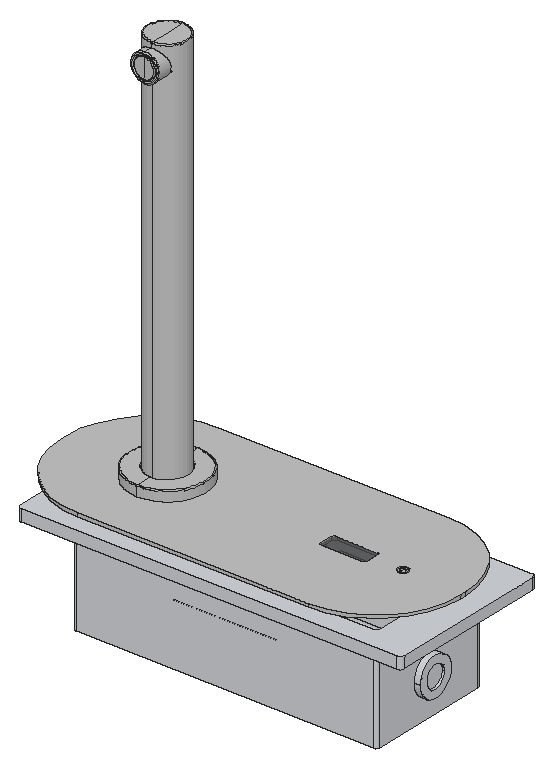
Revit family "Reece_Tap_Wolfen_Sensor Tap_Wall Mounted_with Plate", category Plumbing Fixtures, host Face, Revit 2018
Family settings
  Host = Face
  Round Connector Dimension = Use Diameter
  Part Type = Normal
  Cut with Voids When Loaded = No
  Shared = Yes
  Room Calculation Point = Yes
Parameters (values of type "with Plate_Stainless Steel")
  WFU = 0  # constant formula
  URL = "https://www.reece.com.au/product/-9506034"
  Type Comments = "Tap"
  Reece_Tap_Reach = 247.5 mm  # constant formula
  Reece_Tap_Inlet = 15 mm  # constant formula
  Reece_Tap_Clearance = 0 mm  # constant formula
  Reece_Product_Web Page = "https://www.reece.com.au/product/-9506034"
  Reece_Product_Type = "Tap"
  Reece_Product_Sub Brand = "-"
  Reece_Product_Number = "9506034"
  Reece_Product_Mount = "Wall Mounted"
  Reece_Product_Description = "Wolfen Wall Mounted Outlet with Plate Wave-On Sensor Operation Stainless Steel (6 Star)"
  Reece_Product_Brand = "Wolfen"
  Reece_Overall_Length = 260 mm  # constant formula
  Reece_Overall_Height = 114 mm  # constant formula
  Reece_Material_Sensor = Reece_Glass_Transparent_Black
  Reece_Material-Main = Reece_Brass_Brushed Stainless Steel
  Reece_Detail_Installation = ""
  Reece_Detail_Disclaimer = "THIS FILE IS THE PROPERTY OF THE REECE GROUP. IT MAY NOT BE REPRODUCED, REVERSE-ENGINEERED OR MODIFIED. ANY REPUBLICATION, TRANSMISSION OR DISTRIBUTION FOR THE PURPOSE OF COMMERCIALLY EXPLOITING THE FILES IS PROHIBITED."  # constant formula
  Reece_Detail_Connector = "Electrical input required. Refer to web page for further details."
  Reece_Detail_Additional = ""
  Model = "-"
  Manufacturer = "Wolfen"
  Keynote = "Product #9506034, Reece_Tap_Wolfen_Sensor Tap_Wall Mounted_with Plate - with Plate_Stainless Steel"
  HWFU = 0  # constant formula
  Disclaimer = "THIS FILE IS THE PROPERTY OF THE REECE GROUP. IT MAY NOT BE REPRODUCED, REVERSE-ENGINEERED OR MODIFIED. ANY REPUBLICATION, TRANSMISSION OR DISTRIBUTION FOR THE PURPOSE OF COMMERCIALLY EXPLOITING THE FILES IS PROHIBITED."  # constant formula
  Description = "Wolfen Wall Mounted Outlet with Plate Wave-On Sensor Operation Stainless Steel (6 Star)"
  Default Elevation = 1000 mm
  CWFU = 0  # constant formula
Types (2, lengths in mm): name | Keynote
  (no name) | "Product #9506034, Reece_Tap_Wolfen_Sensor Tap_Wall Mounted_with Plate -  "
  with Plate_Stainless Steel | "Product #9506034, Reece_Tap_Wolfen_Sensor Tap_Wall Mounted_with Plate - with Plate_Stainless Steel"
Reference planes
  plane 1 "Center (Front/Back)": y = 0
  plane 2 "Bottom": z = 0
  plane 3 "Center (Left/Right)": x = 0
  plane 4: y = 57
  plane 5: y = -57
  plane 6: x = -62.5
  plane 7: x = 91
  plane 8: z = 249.5
  plane 9: x = 56
  plane 10: z = 262
  plane 11: x = -130
  plane 12: x = 130
  plane 13: z = 0
  plane 14: z = 2
Forms (mm)
  Extrusion 1, solid, material "Reece_Brass_Brushed Stainless Steel" <- "Reece_Material-Main"
    sketch origin (0, 0, 0) x (1, 0, 0) y (0, 1, 0)
      loop
        line (-130, 2) -> (-130, -2)
        arc (-130, -2) -> (-113.891, -40.891) -> (-75, -57) r 55
        line (-75, -57) -> (75, -57)
        arc (75, -57) -> (113.891, -40.891) -> (130, -2) r 55
        line (130, -2) -> (130, 2)
        arc (130, 2) -> (113.891, 40.891) -> (75, 57) r 55
        line (75, 57) -> (-75, 57)
        arc (-75, 57) -> (-113.891, 40.891) -> (-130, 2) r 55
    from 0 to 2
  Extrusion 2, void
    sketch origin (0, 0, 0) x (1, 0, 0) y (0, 1, 0)
      loop
        circle (-62.5, 0) r 13.5
      loop
        circle (-75.2, 12.7) r 2
      loop
        circle (-49.8, 12.7) r 2
      loop
        circle (-75.2, -12.7) r 2
      loop
        circle (-49.8, -12.7) r 2
      loop
        line (69.1, 6.1) -> (42.9, 6.1)
        arc (42.9, 6.1) -> (41.486, 5.514) -> (40.9, 4.1) r 2
        line (40.9, 4.1) -> (40.9, -4.1)
        arc (40.9, -4.1) -> (41.486, -5.514) -> (42.9, -6.1) r 2
        line (42.9, -6.1) -> (69.1, -6.1)
        arc (69.1, -6.1) -> (70.514, -5.514) -> (71.1, -4.1) r 2
        line (71.1, -4.1) -> (71.1, 4.1)
        arc (71.1, 4.1) -> (70.514, 5.514) -> (69.1, 6.1) r 2
    from -10 to 2
  Revolve 3, solid, material "Reece_Brass_Brushed Stainless Steel" <- "Reece_Material-Main"
    sketch origin (-62.5, 0, 0) x (0, 1, 0) y (0, 0, 1)
      loop
        arc (25, 8.2) -> (24.854, 8.554) -> (24.5, 8.7) r 0.5
        line (24.5, 8.7) -> (14, 8.7) -> (14, 7.7) -> (13, 7.7) -> (13, 261.5)
        arc (13, 261.5) -> (12.854, 261.854) -> (12.5, 262) r 0.5
        line (12.5, 262) -> (0, 262) -> (0, 2) -> (25, 2) -> (25, 8.2)
      axis (0, 262) -> (0, 2)
    angle from 0 to 360
  Extrusion 4, solid, material "Reece_Glass_Transparent_Black" <- "Reece_Material_Sensor"
    sketch origin (0, 0, 0) x (1, 0, 0) y (0, 1, 0)
      loop
        line (69.1, 6.1) -> (42.9, 6.1)
        arc (42.9, 6.1) -> (41.486, 5.514) -> (40.9, 4.1) r 2
        line (40.9, 4.1) -> (40.9, -4.1)
        arc (40.9, -4.1) -> (41.486, -5.514) -> (42.9, -6.1) r 2
        line (42.9, -6.1) -> (69.1, -6.1)
        arc (69.1, -6.1) -> (70.514, -5.514) -> (71.1, -4.1) r 2
        line (71.1, -4.1) -> (71.1, 4.1)
        arc (71.1, 4.1) -> (70.514, 5.514) -> (69.1, 6.1) r 2
    from 0 to 2
  Extrusion 5, void
    sketch origin (0, 0, 2) x (1, 0, 0) y (0, 0, 1)
      loop
        circle (-62.5, 247.5) r 9.3
    from 0 to 18.966
  Revolve 6, solid, material "Reece_Brass_Brushed Stainless Steel" <- "Reece_Material-Main"
    sketch origin (-62.5, 0, 2) x (0, 1, 0) y (0, 0, 1)
      loop
        line (-18.966, 253.849) -> (-18.966, 247.5) -> (-6.458, 247.5) -> (-6.458, 256.8) -> (-18.254, 256.8) -> (-18.966, 256.088) -> (-18.966, 255.298) -> (-18.318, 254.649) -> (-16.968, 254.649) -> (-16.968, 253.849) -> (-18.966, 253.849)
      axis (-6.458, 247.5) -> (-18.966, 247.5)
    angle from 0 to 360
  Revolve 7, solid, material "Reece_Brass_Brushed Stainless Steel" <- "Reece_Material-Main"
    sketch origin (91, 0, 0) x (0, 1, 0) y (0, 0, 1)
      loop
        line (0, 1.805) -> (-3, 1.805) -> (-3, 1) -> (-1.974, 1) -> (-1, -1.088) -> (-1, -12) -> (0, -12) -> (0, 1.805)
      axis (0, 1.805) -> (0, -12)
    angle from 0 to 360
  Revolve 8, void
    sketch origin (0, 0, 0) x (1, 0, 0) y (0, 0, 1)
      loop
        line (89.6, -1.177) -> (89.6, -9.6) -> (91, -9.6) -> (91, 2) -> (87.6, 2) -> (87.6, 0.6) -> (88.771, 0.6) -> (89.6, -1.177)
      axis (91, 2) -> (91, -9.6)
    angle from 0 to 360
  Extrusion 9, void
    sketch origin (0, 0, 0) x (1, 0, 0) y (0, 1, 0)
      loop
        line (90.013, 1.709) -> (89.026, 0) -> (90.013, -1.709) -> (91.987, -1.709) -> (92.974, 0) -> (91.987, 1.709) -> (90.013, 1.709)
    from 2.991 to 1.44
  Extrusion 10, solid
    sketch origin (-37.5, 24.323, -30) x (0, 1, 0) y (0, 0, 1)
      loop
        circle (-24.323, -22.5) r 12.5
    from -24.487 to 149.81
  Extrusion 11, void
    sketch origin (112.31, 24.323, -30) x (0, -1, 0) y (0, 0, 1)
      loop
        circle (24.323, -22.5) r 7.5
    from 0 to 2
  Extrusion 12, solid
    sketch origin (-116.25, 42, -75.414) x (0, -1, 0) y (-1, 0, 0)
      loop
        line (97, -247) -> (97, -3)
        arc (97, -3) -> (96.121, -0.879) -> (94, 0) r 3
        line (94, 0) -> (-10, 0)
        arc (-10, 0) -> (-12.121, -0.879) -> (-13, -3) r 3
        line (-13, -3) -> (-13, -247)
        arc (-13, -247) -> (-12.121, -249.121) -> (-10, -250) r 3
        line (-10, -250) -> (94, -250)
        arc (94, -250) -> (96.121, -249.121) -> (97, -247) r 3
    from -65.414 to -58
  Extrusion 13, solid
    sketch origin (-116.25, 42, -82.829) x (0, -1, 0) y (-1, 0, 0)
      loop
        line (84, -222) -> (84, -28)
        arc (84, -28) -> (83.414, -26.586) -> (82, -26) r 2
        line (82, -26) -> (2, -26)
        arc (2, -26) -> (0.586, -26.586) -> (0, -28) r 2
        line (0, -28) -> (0, -222)
        arc (0, -222) -> (0.586, -223.414) -> (2, -224) r 2
        line (2, -224) -> (82, -224)
        arc (82, -224) -> (83.414, -223.414) -> (84, -222) r 2
    from -65.414 to -4.729
  Extrusion 14, void
    sketch origin (-116.25, 42, -75.414) x (0, -1, 0) y (1, 0, 0)
      loop
        arc (2, 29) -> (2.586, 27.586) -> (4, 27) r 2
        line (4, 27) -> (81, 27)
        arc (81, 27) -> (82.414, 27.586) -> (83, 29) r 2
        line (83, 29) -> (83, 221)
        arc (83, 221) -> (82.414, 222.414) -> (81, 223) r 2
        line (81, 223) -> (4, 223)
        arc (4, 223) -> (2.586, 222.414) -> (2, 221) r 2
        line (2, 221) -> (2, 29)
    from 0 to 77.414
  Extrusion 15, solid
    sketch origin (619.2, -619.2, 0) x (1, 0, 0) y (0, 1, 0)
      loop
        line (-548.1, 631.2) -> (-578.3, 631.2) -> (-578.3, 607.2) -> (-548.1, 607.2) -> (-548.1, 631.2)
    from -16.648 to -9.743
  Extrusion 16, solid
    sketch origin (76, 8, -17.648) x (-1, 0, 0) y (0, 1, 0)
      loop
        circle (37.719, -7.545) r 1.5
    from 0 to -17.648
  Extrusion 17, solid
    sketch origin (36, 8, -17.648) x (-1, 0, 0) y (0, 1, 0)
      loop
        circle (-37.719, -7.545) r 1.5
    from 0 to -17.648
  Extrusion 18, void
    sketch origin (0, 25, -30) x (1, 0, 0) y (0, 0, 1)
      loop
        circle (56.226, 5.164) r 3
    from -12.146 to -20.566
  Extrusion 19, void
    sketch origin (0, 0, 0) x (1, 0, 0) y (0, 1, 0)
      loop
        line (-89.25, 38) -> (-89.25, -39)
        arc (-89.25, -39) -> (-88.664, -40.414) -> (-87.25, -41) r 2
        line (-87.25, -41) -> (104.75, -41)
        arc (104.75, -41) -> (106.164, -40.414) -> (106.75, -39) r 2
        line (106.75, -39) -> (106.75, 38)
        arc (106.75, 38) -> (106.164, 39.414) -> (104.75, 40) r 2
        line (104.75, 40) -> (-87.25, 40)
        arc (-87.25, 40) -> (-88.664, 39.414) -> (-89.25, 38) r 2
    from 0 to -2
  Extrusion 20, void
    sketch origin (0, 0, 0) x (1, 0, 0) y (0, 1, 0)
      loop
        line (107.75, -42) -> (107.75, 42) -> (-90.25, 42) -> (-90.25, -42) -> (107.75, -42)
    from 0 to -80
  Revolve 21, solid
    sketch origin (0, 0, 0) x (1, 0, 0) y (0, 0, 1)
      loop
        line (-62.5, 8.7) -> (-75, 8.7) -> (-75, -10) -> (-87.5, -10) -> (-87.5, -20) -> (-76, -20) -> (-76, -69.647) -> (-62.5, -69.647) -> (-62.5, 8.7)
      axis (-62.5, 8.7) -> (-62.5, -69.647)
    angle from 0 to 360
Cuts and joins
  Extrusion 2, Revolve 8, Extrusion 19, Extrusion 20 cuts Extrusion 1
  Extrusion 5, Extrusion 19, Extrusion 20 cuts Revolve 3
  Extrusion 14 cuts Extrusion 12
  Extrusion 9, Extrusion 19, Extrusion 20 cuts Revolve 7
  Extrusion 19, Extrusion 20 cuts Extrusion 4
  Extrusion 11 cuts Extrusion 10
  Extrusion 14, Extrusion 18 cuts Extrusion 13
  joined: Extrusion 10, Extrusion 13, Revolve 21
Text (mm)
  text "Reece Copyright © 2018, Reece Ltd." at (-439.843, -235.413, 0), in view "Ref. Level"
  text "Reece ©" at (44.384, 258.95, 192.345), in view "Reece Preview"
Dimensions and locks
  "Reece_Overall_Length": plane 10 to plane 14
  "Reece_Tap_Reach": plane 8 to plane 14
  aligned and locked: plane 2 "Bottom" to host face
  aligned and locked: level to host face
Automatic sketch dimensions
  host sketch curve to host sketch curve = 380.785 mm
  host sketch curve to host sketch curve = 317.421 mm
  Extrusion 1 sketch curve to plane 11 = 0 mm
  Extrusion 1 sketch curve to plane 4 = 0 mm
  plane 5 to Extrusion 1 sketch curve = 0 mm
  Extrusion 1 sketch curve to plane 12 = 0 mm
  plane 6 to Extrusion 1 sketch curve = 12.5 mm
  plane 1 "Center (Front/Back)" to Extrusion 1 sketch curve = 2 mm
  plane 7 to Extrusion 1 sketch curve = 16 mm  (x2)
  plane 1 "Center (Front/Back)" to Extrusion 2 sketch curve = 0 mm
  Extrusion 2 sketch curve to plane 6 = 0 mm
  plane 6 to Extrusion 2 sketch curve = 12.7 mm  (x2)
  Extrusion 2 sketch curve to plane 6 = 12.7 mm  (x2)
  Extrusion 2 sketch curve to plane 1 "Center (Front/Back)" = 4.1 mm
  Extrusion 2 sketch curve to plane 9 = 15.1 mm
  Extrusion 2 sketch curve to Extrusion 2 sketch curve = 2 mm  (x3)
  plane 1 "Center (Front/Back)" to Extrusion 2 sketch curve = 6.1 mm
  plane 9 to Extrusion 2 sketch curve = 13.1 mm
  Extrusion 2 sketch curve to Extrusion 2 sketch curve = 0 mm
  plane 1 "Center (Front/Back)" to Extrusion 2 sketch curve = 12.7 mm  (x2)
  Extrusion 2 sketch curve to plane 1 "Center (Front/Back)" = 12.7 mm  (x2)
  Revolve 3 sketch curve to plane 1 "Center (Front/Back)" = 0 mm  (x2)
  plane 10 to Revolve 3 sketch curve = 0 mm
  Revolve 3 sketch curve to plane 14 = 0 mm
  plane 10 to Revolve 3 sketch curve = 0.5 mm
  Revolve 3 sketch curve to plane 1 "Center (Front/Back)" = 12.5 mm
  Revolve 3 sketch curve to Revolve 3 sketch curve = 1 mm
  Revolve 3 sketch curve to Revolve 3 sketch curve = 10.5 mm
  Revolve 3 sketch curve to Revolve 3 sketch curve = 0.5 mm
  plane 14 to Revolve 3 sketch curve = 5.7 mm
  plane 14 to Revolve 3 sketch curve = 6.2 mm
  Revolve 3 sketch curve to level = 97.673 mm
  Revolve 3 sketch curve to Revolve 3 sketch curve = 15.87 mm
  Extrusion 4 sketch curve to plane 1 "Center (Front/Back)" = 4.1 mm  (x2)
  Extrusion 4 sketch curve to plane 9 = 15.1 mm
  Extrusion 4 sketch curve to Extrusion 4 sketch curve = 2 mm  (x3)
  plane 9 to Extrusion 4 sketch curve = 13.1 mm
  plane 1 "Center (Front/Back)" to Extrusion 4 sketch curve = 4.1 mm
  plane 6 to Extrusion 5 sketch curve = 0 mm
  Extrusion 5 sketch curve to plane 8 = 0 mm
  plane 8 to Revolve 6 sketch curve = 0 mm  (x2)
  Revolve 6 sketch curve to plane 1 "Center (Front/Back)" = 0 mm
  plane 10 to Revolve 6 sketch curve = 3.2 mm
  plane 1 "Center (Front/Back)" to Revolve 6 sketch curve = 6.458 mm
  plane 10 to Revolve 6 sketch curve = 5.351 mm
  Revolve 6 sketch curve to Revolve 6 sketch curve = 10.51 mm
  Revolve 6 sketch curve to Revolve 6 sketch curve = 1.286 mm
  Revolve 6 sketch curve to Revolve 6 sketch curve = 1.349 mm
  Revolve 6 sketch curve to Revolve 6 sketch curve = 0.649 mm  (x2)
  Revolve 6 sketch curve to Revolve 6 sketch curve = 0.712 mm
  Revolve 6 sketch curve to Revolve 6 sketch curve = 0.8 mm
  Revolve 6 sketch curve to Revolve 6 sketch curve = 0.79 mm
  Revolve 6 sketch curve to Revolve 6 sketch curve = 4.879 mm
  Revolve 7 sketch curve to plane 1 "Center (Front/Back)" = 0 mm  (x2)
  Revolve 7 sketch curve to plane 14 = 0 mm
  plane 1 "Center (Front/Back)" to Revolve 7 sketch curve = 1 mm
  plane 1 "Center (Front/Back)" to Revolve 7 sketch curve = 1.974 mm
  Revolve 7 sketch curve to Revolve 7 sketch curve = 1.026 mm
  Revolve 7 sketch curve to plane 14 = 0.195 mm
  level to Revolve 7 sketch curve = 1 mm
  Revolve 7 sketch curve to level = 1.088 mm
  Revolve 7 sketch curve to Revolve 7 sketch curve = 10.912 mm
  Revolve 7 sketch curve to Revolve 7 sketch curve = 24 mm
  Revolve 8 sketch curve to plane 14 = 0 mm  (x2)
  plane 7 to Revolve 8 sketch curve = 0 mm  (x2)
  plane 7 to Revolve 8 sketch curve = 1.4 mm
  level to Revolve 8 sketch curve = 0.6 mm
  Revolve 8 sketch curve to Revolve 8 sketch curve = 0.829 mm
  Revolve 8 sketch curve to Revolve 8 sketch curve = 1.171 mm
  Revolve 8 sketch curve to level = 1.177 mm
  Revolve 8 sketch curve to Revolve 8 sketch curve = 8.423 mm
  Revolve 8 sketch curve to Revolve 8 sketch curve = 0 mm
  plane 1 "Center (Front/Back)" to Extrusion 9 sketch curve = 0 mm  (x2)
  plane 7 to Extrusion 9 sketch curve = 1.974 mm
  plane 7 to Extrusion 9 sketch curve = 0.987 mm  (x2)
  Extrusion 9 sketch curve to plane 7 = 0.987 mm  (x2)
  Extrusion 9 sketch curve to Extrusion 9 sketch curve = 0.987 mm
  plane 1 "Center (Front/Back)" to Extrusion 9 sketch curve = 1.709 mm
  Extrusion 9 sketch curve to plane 1 "Center (Front/Back)" = 1.709 mm
  Extrusion 12 sketch curve to plane 4 = 2 mm
  Extrusion 12 sketch curve to Extrusion 12 sketch curve = 3 mm  (x2)
  Extrusion 12 sketch curve to plane 12 = 0.75 mm
  Extrusion 12 sketch curve to plane 5 = 5 mm  (x2)
  Extrusion 12 sketch curve to plane 5 = 2 mm
  Extrusion 12 sketch curve to plane 11 = 16.75 mm
  Extrusion 13 sketch curve to plane 4 = 15 mm
  Extrusion 13 sketch curve to Extrusion 13 sketch curve = 2 mm  (x3)
  Extrusion 13 sketch curve to plane 5 = 17 mm  (x2)
  plane 6 to Extrusion 13 sketch curve = 27.75 mm
  Extrusion 13 sketch curve to plane 7 = 14.75 mm
  Extrusion 14 sketch curve to plane 4 = 17 mm
  Extrusion 14 sketch curve to Extrusion 14 sketch curve = 2 mm  (x3)
  Extrusion 14 sketch curve to plane 5 = 18 mm  (x2)
  plane 6 to Extrusion 14 sketch curve = 26.75 mm
  Extrusion 14 sketch curve to plane 7 = 13.75 mm
  Extrusion 15 sketch curve to plane 9 = 15.1 mm
  plane 9 to Extrusion 15 sketch curve = 15.1 mm
  plane 1 "Center (Front/Back)" to Extrusion 15 sketch curve = 12 mm
  Extrusion 15 sketch curve to plane 1 "Center (Front/Back)" = 12 mm
  plane 6 to Extrusion 19 sketch curve = 26.75 mm
  Extrusion 19 sketch curve to Extrusion 19 sketch curve = 2 mm  (x3)
  Extrusion 19 sketch curve to plane 7 = 13.75 mm  (x2)
  Extrusion 19 sketch curve to plane 5 = 16 mm
  Extrusion 19 sketch curve to plane 4 = 19 mm
  plane 6 to Revolve 21 sketch curve = 0 mm  (x2)
  Revolve 21 sketch curve to plane 14 = 0 mm
  plane 6 to Revolve 21 sketch curve = 12.5 mm
  Revolve 21 sketch curve to Revolve 21 sketch curve = 13.5 mm
  Revolve 21 sketch curve to Revolve 21 sketch curve = 11.5 mm
  Revolve 21 sketch curve to level = 10 mm
  Revolve 21 sketch curve to Revolve 21 sketch curve = 10 mm
  Revolve 21 sketch curve to Revolve 21 sketch curve = 49.647 mm
  plane 14 to Revolve 21 sketch curve = 6.7 mm
  Revolve 21 sketch curve to Revolve 21 sketch curve = 11.647 mm
  Extrusion 10 sketch curve to plane 1 "Center (Front/Back)" = 0 mm
  Extrusion 10 sketch curve to level = 52.5 mm
  plane 9 to Extrusion 18 sketch curve = 0.226 mm
  Extrusion 18 sketch curve to level = 24.836 mm
  Extrusion 16 sketch curve to plane 1 "Center (Front/Back)" = 0.455 mm
  Extrusion 16 sketch curve to plane 9 = 17.719 mm
  Extrusion 17 sketch curve to plane 1 "Center (Front/Back)" = 0.455 mm
  plane 7 to Extrusion 17 sketch curve = 17.281 mm
  plane 6 to Extrusion 20 sketch curve = 27.75 mm
  Extrusion 20 sketch curve to plane 7 = 16.75 mm
  Extrusion 20 sketch curve to plane 5 = 15 mm
  Extrusion 20 sketch curve to plane 4 = 15 mm
  radius of Extrusion 2 sketch curve = 13.5 mm
  radius of Extrusion 2 sketch curve = 2 mm  (x4)
  radius of Extrusion 5 sketch curve = 9.3 mm
  radius of Extrusion 10 sketch curve = 12.5 mm
  radius of Extrusion 11 sketch curve to Extrusion 10 = 5 mm
  radius of Extrusion 16 sketch curve = 1.5 mm
  radius of Extrusion 17 sketch curve = 1.5 mm
  radius of Extrusion 18 sketch curve = 3 mm
Connectors
  piping at (110.31, 0, -52.5), diameter 15, driven by "Reece_Tap_Inlet"
    settings: on cut or joined group of Extrusion 10, Extrusion 11, Extrusion 13, Extrusion 14, Extrusion 18, Revolve 21, index 1, connector inside diameter 609.6 mm, connector length 0 mm, flow factor 0, pipe flow 0.0 L/s, pressure drop 0.0 Pa, fitting loss kfactor 0, connector angle 0.00°, fixture units 0, engagement length 0 mm, angle of deflection 0.00°, flow configuration 0, flow direction 1, fitting loss method 0, system type 29, joint type 0, gender type 0, connector reference index -1, connector utility 0, adjustable connector no, is connector primary yes, connector description ""
